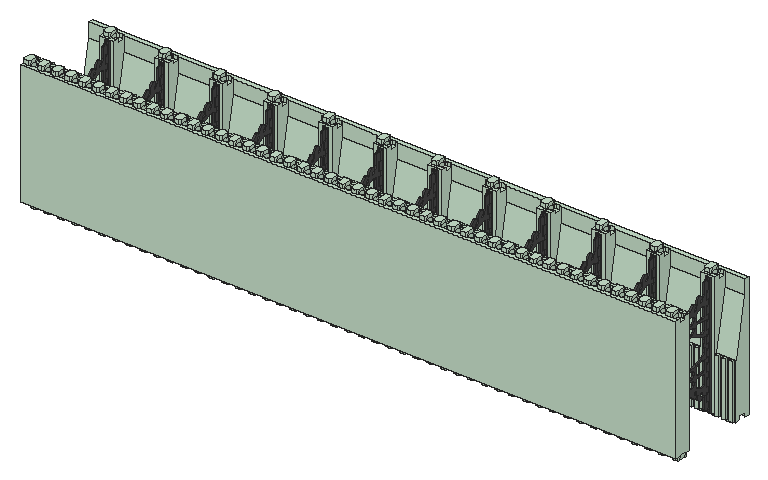
Revit family (continued)
Definition of nested family "8-inch Insert Web"
  Forms (in)
    Extrusion 2, solid, material "High Density Polystyrene"
      sketch origin (0, 0, 0) x (0, 1, 0) y (0, 0, 1)
        loop
          line (-1.8, 6.07202) -> (-1.8, 6.37882) -> (-1.8, 6.48293)
          arc (-1.8, 6.48293) -> (-1.87812, 6.75128) -> (-2.08806, 6.93579) r 0.5
      from 0.125 to -0.125
    Extrusion 3, solid, material "High Density Polystyrene"
      sketch origin (0, 0, 0) x (0, 1, 0) y (0, 0, 1)
        loop
          line (4.21, 16.17792) -> (3.71, 16.17792) -> (3.71, 14.97792) -> (4.21, 14.97792) -> (4.21, 16.17792)
        loop
          line (4.21, 14.22792) -> (3.71, 14.22792) -> (3.71, 13.02792) -> (4.21, 13.02792) -> (4.21, 14.22792)
        loop
          line (4.21, 12.27792) -> (3.71, 12.27792) -> (3.71, 11.07792) -> (4.21, 11.07792) -> (4.21, 12.27792)
        loop
          line (4.21, 10.32792) -> (3.71, 10.32792) -> (3.71, 9.24792) -> (4.21, 9.24792) -> (4.21, 10.32792)
        loop
          line (4.21, 8.49792) -> (3.71, 8.49792) -> (3.71, 7.41792) -> (4.21, 7.41792) -> (4.21, 8.49792)
        loop
          line (4.21, 6.66792) -> (3.71, 6.66792) -> (3.71, 5.46792) -> (4.21, 5.46792) -> (4.21, 6.66792)
        loop
          line (4.21, 4.71792) -> (3.71, 4.71792) -> (3.71, 3.51792) -> (4.21, 3.51792) -> (4.21, 4.71792)
        loop
          line (4.21, 2.76792) -> (3.71, 2.76792) -> (3.71, 1.56792) -> (4.21, 1.56792) -> (4.21, 2.76792)
        loop
          line (-4.21, 16.17792) -> (-4.21, 14.97792) -> (-3.71, 14.97792) -> (-3.71, 16.17792) -> (-4.21, 16.17792)
        loop
          line (-4.21, 14.22792) -> (-4.21, 13.02792) -> (-3.71, 13.02792) -> (-3.71, 14.22792) -> (-4.21, 14.22792)
        loop
          line (-4.21, 12.27792) -> (-4.21, 11.07792) -> (-3.71, 11.07792) -> (-3.71, 12.27792) -> (-4.21, 12.27792)
        loop
          line (-4.21, 10.32792) -> (-4.21, 9.24792) -> (-3.71, 9.24792) -> (-3.71, 10.32792) -> (-4.21, 10.32792)
        loop
          line (-4.21, 8.49792) -> (-4.21, 7.41792) -> (-3.71, 7.41792) -> (-3.71, 8.49792) -> (-4.21, 8.49792)
        loop
          line (-4.21, 6.66792) -> (-4.21, 5.46792) -> (-3.71, 5.46792) -> (-3.71, 6.66792) -> (-4.21, 6.66792)
        loop
          line (-4.21, 4.71792) -> (-4.21, 3.51792) -> (-3.71, 3.51792) -> (-3.71, 4.71792) -> (-4.21, 4.71792)
        loop
          line (-4.21, 2.76792) -> (-4.21, 1.56792) -> (-3.71, 1.56792) -> (-3.71, 2.76792) -> (-4.21, 2.76792)
      from 0.25 to -0.25
    Extrusion 4, void
      sketch origin (0, 1, 0) x (1, 0, 0) y (0, 1, 0)
        loop
          line (-0.25, 2.79249) -> (-0.25, 2.71) -> (-0.1675, 2.71)
          arc (-0.1675, 2.71) -> (-0.22584, 2.73416) -> (-0.25, 2.79249) r 0.0825
      from 0 to 18
    Extrusion 5, void
      sketch origin (0, 1, 0) x (-1, 0, 0) y (0, -1, 0)
        loop
          arc (-0.25, -2.79249) -> (-0.22584, -2.73416) -> (-0.1675, -2.71) r 0.0825
          line (-0.1675, -2.71) -> (-0.25, -2.71) -> (-0.25, -2.79249)
      from 0 to 18
    Extrusion 6, void
      sketch origin (0, -1, 0) x (1, 0, 0) y (0, 1, 0)
        loop
          arc (-0.25, -2.79249) -> (-0.22584, -2.73416) -> (-0.1675, -2.71) r 0.0825
          line (-0.1675, -2.71) -> (-0.25, -2.71) -> (-0.25, -2.79249)
      from 0 to 18
    Extrusion 7, void
      sketch origin (0, -1, 0) x (-1, 0, 0) y (0, -1, 0)
        loop
          line (-0.25, 2.79249) -> (-0.25, 2.71) -> (-0.1675, 2.71)
          arc (-0.1675, 2.71) -> (-0.22584, 2.73416) -> (-0.25, 2.79249) r 0.0825
      from 0 to 18
  Cuts and joins
    Extrusion 4, Extrusion 5, Extrusion 6, Extrusion 7 cuts Extrusion 1
    Extrusion 4, Extrusion 5, Extrusion 6, Extrusion 7 cuts Extrusion 3
Definition of nested family "NUDURA Diamond Pattern"
  Reference planes (in)
    plane 1 "Center (Front/Back)": y = 0
    plane 2: z = 0
    plane 3 "Center (Left/Right)": x = 0
    plane 4: z = 18
  Lines and regions (in)
    model lines
      curve 1: line (8, -5.625, 18) -> (8, -5.625, 0)
      curve 2: line (6, -5.625, 18) -> (6, -5.625, 0)
      curve 3: line (2, -5.625, 18) -> (2, -5.625, 0)
      curve 4: line (3.35367, -5.625, 16.98484) -> (3.69709, -5.625, 16.64142)
      curve 5: arc (3.35367, -5.625, 17.51517) -> (3.24384, -5.625, 17.25) -> (3.35367, -5.625, 16.98484) r 0.375
      curve 6: line (3.72867, -5.625, 17.89017) -> (3.35367, -5.625, 17.51517)
      curve 7: arc (4.259, -5.625, 17.89017) -> (3.99384, -5.625, 18) -> (3.72867, -5.625, 17.89017) r 0.375
      curve 8: line (4.634, -5.625, 17.51517) -> (4.259, -5.625, 17.89017)
      curve 9: arc (4.634, -5.625, 16.98484) -> (4.74384, -5.625, 17.25) -> (4.634, -5.625, 17.51517) r 0.375
      curve 10: line (4.29059, -5.625, 16.64142) -> (4.634, -5.625, 16.98484)
      curve 11: arc (4.17062, -5.625, 17.80178) -> (3.99384, -5.625, 17.875) -> (3.81706, -5.625, 17.80178) r 0.25
      curve 12: line (4.54562, -5.625, 17.42678) -> (4.17062, -5.625, 17.80178)
      curve 13: arc (4.54562, -5.625, 17.07322) -> (4.61884, -5.625, 17.25) -> (4.54562, -5.625, 17.42678) r 0.25
      curve 14: line (4.17062, -5.625, 16.69822) -> (4.54562, -5.625, 17.07322)
      curve 15: arc (3.81706, -5.625, 16.69822) -> (3.99384, -5.625, 16.625) -> (4.17062, -5.625, 16.69822) r 0.25
      curve 16: line (3.44206, -5.625, 17.07322) -> (3.81706, -5.625, 16.69822)
      curve 17: arc (3.44206, -5.625, 17.42678) -> (3.36884, -5.625, 17.25) -> (3.44206, -5.625, 17.07322) r 0.25
      curve 18: line (3.81706, -5.625, 17.80178) -> (3.44206, -5.625, 17.42678)
      curve 19: arc (3.69709, -5.625, 16.35858) -> (3.75567, -5.625, 16.5) -> (3.69709, -5.625, 16.64142) r 0.2
      curve 20: line (4.634, -5.625, 16.01517) -> (4.29059, -5.625, 16.35858)
      curve 21: arc (4.634, -5.625, 15.48484) -> (4.74384, -5.625, 15.75) -> (4.634, -5.625, 16.01517) r 0.375
      curve 22: line (4.29059, -5.625, 15.14142) -> (4.634, -5.625, 15.48484)
      curve 23: line (3.35367, -5.625, 15.48484) -> (3.69709, -5.625, 15.14142)
      curve 24: arc (3.35367, -5.625, 16.01517) -> (3.24384, -5.625, 15.75) -> (3.35367, -5.625, 15.48484) r 0.375
      curve 25: line (3.69709, -5.625, 16.35858) -> (3.35367, -5.625, 16.01517)
      curve 26: arc (4.17062, -5.625, 16.30178) -> (3.99384, -5.625, 16.375) -> (3.81706, -5.625, 16.30178) r 0.25
      curve 27: line (3.81706, -5.625, 16.30178) -> (3.44206, -5.625, 15.92678)
      curve 28: arc (3.44206, -5.625, 15.92678) -> (3.36884, -5.625, 15.75) -> (3.44206, -5.625, 15.57322) r 0.25
      curve 29: line (3.44206, -5.625, 15.57322) -> (3.81706, -5.625, 15.19822)
      curve 30: arc (3.81706, -5.625, 15.19822) -> (3.99384, -5.625, 15.125) -> (4.17062, -5.625, 15.19822) r 0.25
      curve 31: line (4.17062, -5.625, 15.19822) -> (4.54562, -5.625, 15.57322)
      curve 32: arc (4.54562, -5.625, 15.57322) -> (4.61884, -5.625, 15.75) -> (4.54562, -5.625, 15.92678) r 0.25
      curve 33: line (4.54562, -5.625, 15.92678) -> (4.17062, -5.625, 16.30178)
      curve 34: arc (3.69709, -5.625, 14.85858) -> (3.75567, -5.625, 15) -> (3.69709, -5.625, 15.14142) r 0.2
      curve 35: line (4.634, -5.625, 14.51517) -> (4.29059, -5.625, 14.85858)
      curve 36: arc (4.634, -5.625, 13.98484) -> (4.74384, -5.625, 14.25) -> (4.634, -5.625, 14.51517) r 0.375
      curve 37: line (4.29059, -5.625, 13.64142) -> (4.634, -5.625, 13.98484)
      curve 38: line (3.35367, -5.625, 13.98484) -> (3.69709, -5.625, 13.64142)
      curve 39: arc (3.35367, -5.625, 14.51517) -> (3.24384, -5.625, 14.25) -> (3.35367, -5.625, 13.98484) r 0.375
      curve 40: line (3.69709, -5.625, 14.85858) -> (3.35367, -5.625, 14.51517)
      curve 41: arc (4.17062, -5.625, 14.80178) -> (3.99384, -5.625, 14.875) -> (3.81706, -5.625, 14.80178) r 0.25
      curve 42: line (3.81706, -5.625, 14.80178) -> (3.44206, -5.625, 14.42678)
      curve 43: arc (3.44206, -5.625, 14.42678) -> (3.36884, -5.625, 14.25) -> (3.44206, -5.625, 14.07322) r 0.25
      curve 44: line (3.44206, -5.625, 14.07322) -> (3.81706, -5.625, 13.69822)
      curve 45: arc (3.81706, -5.625, 13.69822) -> (3.99384, -5.625, 13.625) -> (4.17062, -5.625, 13.69822) r 0.25
      curve 46: line (4.17062, -5.625, 13.69822) -> (4.54562, -5.625, 14.07322)
      curve 47: arc (4.54562, -5.625, 14.07322) -> (4.61884, -5.625, 14.25) -> (4.54562, -5.625, 14.42678) r 0.25
      curve 48: line (4.54562, -5.625, 14.42678) -> (4.17062, -5.625, 14.80178)
      curve 49: arc (3.69709, -5.625, 13.35858) -> (3.75567, -5.625, 13.5) -> (3.69709, -5.625, 13.64142) r 0.2
      curve 50: line (4.634, -5.625, 13.01517) -> (4.29059, -5.625, 13.35858)
      curve 51: arc (4.634, -5.625, 12.48484) -> (4.74384, -5.625, 12.75) -> (4.634, -5.625, 13.01517) r 0.375
      curve 52: line (4.29059, -5.625, 12.14142) -> (4.634, -5.625, 12.48484)
      curve 53: line (3.35367, -5.625, 12.48484) -> (3.69709, -5.625, 12.14142)
      curve 54: arc (3.35367, -5.625, 13.01517) -> (3.24384, -5.625, 12.75) -> (3.35367, -5.625, 12.48484) r 0.375
      curve 55: line (3.69709, -5.625, 13.35858) -> (3.35367, -5.625, 13.01517)
      curve 56: arc (4.17062, -5.625, 13.30178) -> (3.99384, -5.625, 13.375) -> (3.81706, -5.625, 13.30178) r 0.25
      curve 57: line (3.81706, -5.625, 13.30178) -> (3.44206, -5.625, 12.92678)
      curve 58: arc (3.44206, -5.625, 12.92678) -> (3.36884, -5.625, 12.75) -> (3.44206, -5.625, 12.57322) r 0.25
      curve 59: line (3.44206, -5.625, 12.57322) -> (3.81706, -5.625, 12.19822)
      curve 60: arc (3.81706, -5.625, 12.19822) -> (3.99384, -5.625, 12.125) -> (4.17062, -5.625, 12.19822) r 0.25
      curve 61: line (4.17062, -5.625, 12.19822) -> (4.54562, -5.625, 12.57322)
      curve 62: arc (4.54562, -5.625, 12.57322) -> (4.61884, -5.625, 12.75) -> (4.54562, -5.625, 12.92678) r 0.25
      curve 63: line (4.54562, -5.625, 12.92678) -> (4.17062, -5.625, 13.30178)
      curve 64: arc (3.69709, -5.625, 11.85858) -> (3.75567, -5.625, 12) -> (3.69709, -5.625, 12.14142) r 0.2
      curve 65: line (4.634, -5.625, 11.51517) -> (4.29059, -5.625, 11.85858)
      curve 66: arc (4.634, -5.625, 10.98484) -> (4.74384, -5.625, 11.25) -> (4.634, -5.625, 11.51517) r 0.375
      curve 67: line (4.29059, -5.625, 10.64142) -> (4.634, -5.625, 10.98484)
      curve 68: line (3.35367, -5.625, 10.98484) -> (3.69709, -5.625, 10.64142)
      curve 69: arc (3.35367, -5.625, 11.51517) -> (3.24384, -5.625, 11.25) -> (3.35367, -5.625, 10.98484) r 0.375
      curve 70: line (3.69709, -5.625, 11.85858) -> (3.35367, -5.625, 11.51517)
      curve 71: arc (4.17062, -5.625, 11.80178) -> (3.99384, -5.625, 11.875) -> (3.81706, -5.625, 11.80178) r 0.25
      curve 72: line (3.81706, -5.625, 11.80178) -> (3.44206, -5.625, 11.42678)
      curve 73: arc (3.44206, -5.625, 11.42678) -> (3.36884, -5.625, 11.25) -> (3.44206, -5.625, 11.07322) r 0.25
      curve 74: line (3.44206, -5.625, 11.07322) -> (3.81706, -5.625, 10.69822)
      curve 75: arc (3.81706, -5.625, 10.69822) -> (3.99384, -5.625, 10.625) -> (4.17062, -5.625, 10.69822) r 0.25
      curve 76: line (4.17062, -5.625, 10.69822) -> (4.54562, -5.625, 11.07322)
      curve 77: arc (4.54562, -5.625, 11.07322) -> (4.61884, -5.625, 11.25) -> (4.54562, -5.625, 11.42678) r 0.25
      curve 78: line (4.54562, -5.625, 11.42678) -> (4.17062, -5.625, 11.80178)
      curve 79: arc (3.69709, -5.625, 10.35858) -> (3.75567, -5.625, 10.5) -> (3.69709, -5.625, 10.64142) r 0.2
      curve 80: line (4.634, -5.625, 10.01517) -> (4.29059, -5.625, 10.35858)
      curve 81: arc (4.634, -5.625, 9.48484) -> (4.74384, -5.625, 9.75) -> (4.634, -5.625, 10.01517) r 0.375
      curve 82: line (4.29059, -5.625, 9.14142) -> (4.634, -5.625, 9.48484)
      curve 83: line (3.35367, -5.625, 9.48484) -> (3.69709, -5.625, 9.14142)
      curve 84: arc (3.35367, -5.625, 10.01517) -> (3.24384, -5.625, 9.75) -> (3.35367, -5.625, 9.48484) r 0.375
      curve 85: line (3.69709, -5.625, 10.35858) -> (3.35367, -5.625, 10.01517)
      curve 86: arc (4.17062, -5.625, 10.30178) -> (3.99384, -5.625, 10.375) -> (3.81706, -5.625, 10.30178) r 0.25
      curve 87: line (3.81706, -5.625, 10.30178) -> (3.44206, -5.625, 9.92678)
      curve 88: arc (3.44206, -5.625, 9.92678) -> (3.36884, -5.625, 9.75) -> (3.44206, -5.625, 9.57322) r 0.25
      curve 89: line (3.44206, -5.625, 9.57322) -> (3.81706, -5.625, 9.19822)
      curve 90: arc (3.81706, -5.625, 9.19822) -> (3.99384, -5.625, 9.125) -> (4.17062, -5.625, 9.19822) r 0.25
      curve 91: line (4.17062, -5.625, 9.19822) -> (4.54562, -5.625, 9.57322)
      curve 92: arc (4.54562, -5.625, 9.57322) -> (4.61884, -5.625, 9.75) -> (4.54562, -5.625, 9.92678) r 0.25
      curve 93: line (4.54562, -5.625, 9.92678) -> (4.17062, -5.625, 10.30178)
      curve 94: arc (3.69709, -5.625, 8.85858) -> (3.75567, -5.625, 9) -> (3.69709, -5.625, 9.14142) r 0.2
      curve 95: line (4.634, -5.625, 8.51517) -> (4.29059, -5.625, 8.85858)
      curve 96: arc (4.634, -5.625, 7.98484) -> (4.74384, -5.625, 8.25) -> (4.634, -5.625, 8.51517) r 0.375
      curve 97: line (4.29059, -5.625, 7.64142) -> (4.634, -5.625, 7.98484)
      curve 98: line (3.35367, -5.625, 7.98484) -> (3.69709, -5.625, 7.64142)
      curve 99: arc (3.35367, -5.625, 8.51517) -> (3.24384, -5.625, 8.25) -> (3.35367, -5.625, 7.98484) r 0.375
      curve 100: line (3.69709, -5.625, 8.85858) -> (3.35367, -5.625, 8.51517)
      curve 101: arc (4.17062, -5.625, 8.80178) -> (3.99384, -5.625, 8.875) -> (3.81706, -5.625, 8.80178) r 0.25
      curve 102: line (3.81706, -5.625, 8.80178) -> (3.44206, -5.625, 8.42678)
      curve 103: arc (3.44206, -5.625, 8.42678) -> (3.36884, -5.625, 8.25) -> (3.44206, -5.625, 8.07322) r 0.25
      curve 104: line (3.44206, -5.625, 8.07322) -> (3.81706, -5.625, 7.69822)
      curve 105: arc (3.81706, -5.625, 7.69822) -> (3.99384, -5.625, 7.625) -> (4.17062, -5.625, 7.69822) r 0.25
      curve 106: line (4.17062, -5.625, 7.69822) -> (4.54562, -5.625, 8.07322)
      curve 107: arc (4.54562, -5.625, 8.07322) -> (4.61884, -5.625, 8.25) -> (4.54562, -5.625, 8.42678) r 0.25
      curve 108: line (4.54562, -5.625, 8.42678) -> (4.17062, -5.625, 8.80178)
      curve 109: arc (3.69709, -5.625, 7.35858) -> (3.75567, -5.625, 7.5) -> (3.69709, -5.625, 7.64142) r 0.2
      curve 110: line (4.634, -5.625, 7.01517) -> (4.29059, -5.625, 7.35858)
      curve 111: arc (4.634, -5.625, 6.48484) -> (4.74384, -5.625, 6.75) -> (4.634, -5.625, 7.01517) r 0.375
      curve 112: line (4.29059, -5.625, 6.14142) -> (4.634, -5.625, 6.48484)
      curve 113: line (3.35367, -5.625, 6.48484) -> (3.69709, -5.625, 6.14142)
      curve 114: arc (3.35367, -5.625, 7.01517) -> (3.24384, -5.625, 6.75) -> (3.35367, -5.625, 6.48484) r 0.375
      curve 115: line (3.69709, -5.625, 7.35858) -> (3.35367, -5.625, 7.01517)
      curve 116: arc (4.17062, -5.625, 7.30178) -> (3.99384, -5.625, 7.375) -> (3.81706, -5.625, 7.30178) r 0.25
      curve 117: line (3.81706, -5.625, 7.30178) -> (3.44206, -5.625, 6.92678)
      curve 118: arc (3.44206, -5.625, 6.92678) -> (3.36884, -5.625, 6.75) -> (3.44206, -5.625, 6.57322) r 0.25
      curve 119: line (3.44206, -5.625, 6.57322) -> (3.81706, -5.625, 6.19822)
      curve 120: arc (3.81706, -5.625, 6.19822) -> (3.99384, -5.625, 6.125) -> (4.17062, -5.625, 6.19822) r 0.25
      curve 121: line (4.17062, -5.625, 6.19822) -> (4.54562, -5.625, 6.57322)
      curve 122: arc (4.54562, -5.625, 6.57322) -> (4.61884, -5.625, 6.75) -> (4.54562, -5.625, 6.92678) r 0.25
      curve 123: line (4.54562, -5.625, 6.92678) -> (4.17062, -5.625, 7.30178)
      curve 124: arc (3.69709, -5.625, 5.85858) -> (3.75567, -5.625, 6) -> (3.69709, -5.625, 6.14142) r 0.2
      curve 125: line (4.634, -5.625, 5.51517) -> (4.29059, -5.625, 5.85858)
      curve 126: arc (4.634, -5.625, 4.98484) -> (4.74384, -5.625, 5.25) -> (4.634, -5.625, 5.51517) r 0.375
      curve 127: line (4.29059, -5.625, 4.64142) -> (4.634, -5.625, 4.98484)
      curve 128: line (3.35367, -5.625, 4.98484) -> (3.69709, -5.625, 4.64142)
      curve 129: arc (3.35367, -5.625, 5.51517) -> (3.24384, -5.625, 5.25) -> (3.35367, -5.625, 4.98484) r 0.375
      curve 130: line (3.69709, -5.625, 5.85858) -> (3.35367, -5.625, 5.51517)
      curve 131: arc (4.17062, -5.625, 5.80178) -> (3.99384, -5.625, 5.875) -> (3.81706, -5.625, 5.80178) r 0.25
      curve 132: line (3.81706, -5.625, 5.80178) -> (3.44206, -5.625, 5.42678)
      curve 133: arc (3.44206, -5.625, 5.42678) -> (3.36884, -5.625, 5.25) -> (3.44206, -5.625, 5.07322) r 0.25
      curve 134: line (3.44206, -5.625, 5.07322) -> (3.81706, -5.625, 4.69822)
      curve 135: arc (3.81706, -5.625, 4.69822) -> (3.99384, -5.625, 4.625) -> (4.17062, -5.625, 4.69822) r 0.25
      curve 136: line (4.17062, -5.625, 4.69822) -> (4.54562, -5.625, 5.07322)
      curve 137: arc (4.54562, -5.625, 5.07322) -> (4.61884, -5.625, 5.25) -> (4.54562, -5.625, 5.42678) r 0.25
      curve 138: line (4.54562, -5.625, 5.42678) -> (4.17062, -5.625, 5.80178)
      curve 139: arc (3.69709, -5.625, 4.35858) -> (3.75567, -5.625, 4.5) -> (3.69709, -5.625, 4.64142) r 0.2
      curve 140: line (4.634, -5.625, 4.01517) -> (4.29059, -5.625, 4.35858)
      curve 141: arc (4.634, -5.625, 3.48484) -> (4.74384, -5.625, 3.75) -> (4.634, -5.625, 4.01517) r 0.375
      curve 142: line (4.29059, -5.625, 3.14142) -> (4.634, -5.625, 3.48484)
      curve 143: line (3.35367, -5.625, 3.48484) -> (3.69709, -5.625, 3.14142)
      curve 144: arc (3.35367, -5.625, 4.01517) -> (3.24384, -5.625, 3.75) -> (3.35367, -5.625, 3.48484) r 0.375
      curve 145: line (3.69709, -5.625, 4.35858) -> (3.35367, -5.625, 4.01517)
      curve 146: arc (4.17062, -5.625, 4.30178) -> (3.99384, -5.625, 4.375) -> (3.81706, -5.625, 4.30178) r 0.25
      curve 147: line (3.81706, -5.625, 4.30178) -> (3.44206, -5.625, 3.92678)
      curve 148: arc (3.44206, -5.625, 3.92678) -> (3.36884, -5.625, 3.75) -> (3.44206, -5.625, 3.57322) r 0.25
      curve 149: line (3.44206, -5.625, 3.57322) -> (3.81706, -5.625, 3.19822)
      curve 150: arc (3.81706, -5.625, 3.19822) -> (3.99384, -5.625, 3.125) -> (4.17062, -5.625, 3.19822) r 0.25
      curve 151: line (4.17062, -5.625, 3.19822) -> (4.54562, -5.625, 3.57322)
      curve 152: arc (4.54562, -5.625, 3.57322) -> (4.61884, -5.625, 3.75) -> (4.54562, -5.625, 3.92678) r 0.25
      curve 153: line (4.54562, -5.625, 3.92678) -> (4.17062, -5.625, 4.30178)
      curve 154: arc (3.69709, -5.625, 2.85858) -> (3.75567, -5.625, 3) -> (3.69709, -5.625, 3.14142) r 0.2
      curve 155: line (4.634, -5.625, 2.51517) -> (4.29059, -5.625, 2.85858)
      curve 156: arc (4.634, -5.625, 1.98484) -> (4.74384, -5.625, 2.25) -> (4.634, -5.625, 2.51517) r 0.375
      curve 157: line (4.29059, -5.625, 1.64142) -> (4.634, -5.625, 1.98484)
      curve 158: line (3.35367, -5.625, 1.98484) -> (3.69709, -5.625, 1.64142)
      curve 159: arc (3.35367, -5.625, 2.51517) -> (3.24384, -5.625, 2.25) -> (3.35367, -5.625, 1.98484) r 0.375
      curve 160: line (3.69709, -5.625, 2.85858) -> (3.35367, -5.625, 2.51517)
      curve 161: arc (4.17062, -5.625, 2.80178) -> (3.99384, -5.625, 2.875) -> (3.81706, -5.625, 2.80178) r 0.25
      curve 162: line (3.81706, -5.625, 2.80178) -> (3.44206, -5.625, 2.42678)
      curve 163: arc (3.44206, -5.625, 2.42678) -> (3.36884, -5.625, 2.25) -> (3.44206, -5.625, 2.07322) r 0.25
      curve 164: line (3.44206, -5.625, 2.07322) -> (3.81706, -5.625, 1.69822)
      curve 165: arc (3.81706, -5.625, 1.69822) -> (3.99384, -5.625, 1.625) -> (4.17062, -5.625, 1.69822) r 0.25
      curve 166: line (4.17062, -5.625, 1.69822) -> (4.54562, -5.625, 2.07322)
      curve 167: arc (4.54562, -5.625, 2.07322) -> (4.61884, -5.625, 2.25) -> (4.54562, -5.625, 2.42678) r 0.25
      curve 168: line (4.54562, -5.625, 2.42678) -> (4.17062, -5.625, 2.80178)
      curve 169: arc (3.69709, -5.625, 1.35858) -> (3.75567, -5.625, 1.5) -> (3.69709, -5.625, 1.64142) r 0.2
      curve 170: line (3.69709, -5.625, 1.35858) -> (3.35367, -5.625, 1.01517)
      curve 171: arc (3.35367, -5.625, 1.01517) -> (3.24384, -5.625, 0.75) -> (3.35367, -5.625, 0.48484) r 0.375
      curve 172: line (3.35367, -5.625, 0.48484) -> (3.72867, -5.625, 0.10984)
      curve 173: arc (3.72867, -5.625, 0.10984) -> (3.99384, -5.625, 0) -> (4.259, -5.625, 0.10984) r 0.375
      curve 174: line (4.259, -5.625, 0.10984) -> (4.634, -5.625, 0.48484)
      curve 175: arc (4.634, -5.625, 0.48484) -> (4.74384, -5.625, 0.75) -> (4.634, -5.625, 1.01517) r 0.375
      curve 176: line (4.634, -5.625, 1.01517) -> (4.29059, -5.625, 1.35858)
      curve 177: arc (4.29059, -5.625, 1.64142) -> (4.23201, -5.625, 1.5) -> (4.29059, -5.625, 1.35858) r 0.2
      curve 178: arc (4.17062, -5.625, 1.30178) -> (3.99384, -5.625, 1.375) -> (3.81706, -5.625, 1.30178) r 0.25
      curve 179: line (4.54562, -5.625, 0.92678) -> (4.17062, -5.625, 1.30178)
      curve 180: arc (4.54562, -5.625, 0.57322) -> (4.61884, -5.625, 0.75) -> (4.54562, -5.625, 0.92678) r 0.25
      curve 181: line (4.17062, -5.625, 0.19822) -> (4.54562, -5.625, 0.57322)
      curve 182: arc (3.81706, -5.625, 0.19822) -> (3.99384, -5.625, 0.125) -> (4.17062, -5.625, 0.19822) r 0.25
      curve 183: line (3.44206, -5.625, 0.57322) -> (3.81706, -5.625, 0.19822)
      curve 184: arc (3.44206, -5.625, 0.92678) -> (3.36884, -5.625, 0.75) -> (3.44206, -5.625, 0.57322) r 0.25
      curve 185: line (3.81706, -5.625, 1.30178) -> (3.44206, -5.625, 0.92678)
      curve 186: arc (4.29059, -5.625, 3.14142) -> (4.23201, -5.625, 3) -> (4.29059, -5.625, 2.85858) r 0.2
      curve 187: arc (4.29059, -5.625, 4.64142) -> (4.23201, -5.625, 4.5) -> (4.29059, -5.625, 4.35858) r 0.2
      curve 188: arc (4.29059, -5.625, 6.14142) -> (4.23201, -5.625, 6) -> (4.29059, -5.625, 5.85858) r 0.2
      curve 189: arc (4.29059, -5.625, 7.64142) -> (4.23201, -5.625, 7.5) -> (4.29059, -5.625, 7.35858) r 0.2
      curve 190: arc (4.29059, -5.625, 9.14142) -> (4.23201, -5.625, 9) -> (4.29059, -5.625, 8.85858) r 0.2
      curve 191: arc (4.29059, -5.625, 10.64142) -> (4.23201, -5.625, 10.5) -> (4.29059, -5.625, 10.35858) r 0.2
      curve 192: arc (4.29059, -5.625, 12.14142) -> (4.23201, -5.625, 12) -> (4.29059, -5.625, 11.85858) r 0.2
      curve 193: arc (4.29059, -5.625, 13.64142) -> (4.23201, -5.625, 13.5) -> (4.29059, -5.625, 13.35858) r 0.2
      curve 194: arc (4.29059, -5.625, 15.14142) -> (4.23201, -5.625, 15) -> (4.29059, -5.625, 14.85858) r 0.2
      curve 195: arc (4.29059, -5.625, 16.64142) -> (4.23201, -5.625, 16.5) -> (4.29059, -5.625, 16.35858) r 0.2
Definition of nested family "NUDURA Logo Diamond"
  Reference planes (in)
    plane 1 "Center (Front/Back)": y = 0
    plane 2: z = 0
    plane 3 "Center (Left/Right)": x = 0
  Lines and regions (in)
    model lines
      curve 1: line (12.59848, 0, 17.50104) -> (12.24492, 0, 17.85459)
      curve 2: line (12.36113, 0, 16.76872) -> (12.59848, 0, 17.00607)
      curve 3: line (12.59848, 0, 16.00104) -> (12.36113, 0, 16.23839)
      curve 4: line (12.36113, 0, 15.26872) -> (12.59848, 0, 15.50607)
      curve 5: line (12.59848, 0, 14.50104) -> (12.36113, 0, 14.73839)
      curve 6: line (12.36113, 0, 13.76872) -> (12.59848, 0, 14.00607)
      curve 7: line (12.17421, 0, 13.28388) -> (12.71208, 0, 12.74602)
      curve 8: line (12.71208, 0, 12.74602) -> (12.78279, 0, 12.81673)
      curve 9: line (11.28279, 0, 12.74602) -> (11.82066, 0, 13.28388)
      curve 10: line (11.63374, 0, 13.23839) -> (11.21208, 0, 12.81673)
      curve 11: line (11.3964, 0, 14.00607) -> (11.63374, 0, 13.76872)
      curve 12: line (11.63374, 0, 14.73839) -> (11.3964, 0, 14.50104)
      curve 13: line (11.3964, 0, 15.50607) -> (11.63374, 0, 15.26872)
      curve 14: line (11.63374, 0, 16.23839) -> (11.3964, 0, 16.00104)
      curve 15: line (11.3964, 0, 17.00607) -> (11.63374, 0, 16.76872)
      curve 16: line (11.74995, 0, 17.85459) -> (11.3964, 0, 17.50104)
      curve 17: line (11.82066, 0, 17.78388) -> (11.46711, 0, 17.43033)
      curve 18: line (12.52777, 0, 17.43033) -> (12.17421, 0, 17.78388)
      curve 19: line (12.17421, 0, 16.72322) -> (12.52777, 0, 17.07678)
      curve 20: line (11.46711, 0, 17.07678) -> (11.82066, 0, 16.72322)
      curve 21: arc (11.3964, 0, 17.50104) -> (11.29388, 0, 17.25355) -> (11.3964, 0, 17.00607) r 0.35
      curve 22: arc (11.74995, 0, 17.85459) -> (11.99744, 0, 17.95711) -> (12.24492, 0, 17.85459) r 0.35
      curve 23: arc (11.46711, 0, 17.43033) -> (11.39388, 0, 17.25355) -> (11.46711, 0, 17.07678) r 0.25
      curve 24: arc (12.52777, 0, 17.43033) -> (12.60099, 0, 17.25355) -> (12.52777, 0, 17.07678) r 0.25
      curve 25: arc (12.17421, 0, 16.72322) -> (11.99744, 0, 16.65) -> (11.82066, 0, 16.72322) r 0.25
      curve 26: arc (11.82066, 0, 17.78388) -> (11.99744, 0, 17.85711) -> (12.17421, 0, 17.78388) r 0.25
      curve 27: arc (12.59848, 0, 17.50104) -> (12.70099, 0, 17.25355) -> (12.59848, 0, 17.00607) r 0.35
      curve 28: arc (11.63374, 0, 16.76872) -> (11.74358, 0, 16.50355) -> (11.63374, 0, 16.23839) r 0.375
      curve 29: arc (12.36113, 0, 16.76872) -> (12.2513, 0, 16.50355) -> (12.36113, 0, 16.23839) r 0.375
      curve 30: line (12.36113, 0, 15.26872) -> (12.59848, 0, 15.50607)
      curve 31: line (11.3964, 0, 15.50607) -> (11.63374, 0, 15.26872)
      curve 32: line (11.82066, 0, 16.28388) -> (11.46711, 0, 15.93033)
      curve 33: line (12.52777, 0, 15.93033) -> (12.17421, 0, 16.28388)
      curve 34: line (12.17421, 0, 15.22322) -> (12.52777, 0, 15.57678)
      curve 35: line (11.46711, 0, 15.57678) -> (11.82066, 0, 15.22322)
      curve 36: arc (11.3964, 0, 16.00104) -> (11.29388, 0, 15.75355) -> (11.3964, 0, 15.50607) r 0.35
      curve 37: arc (11.46711, 0, 15.93033) -> (11.39388, 0, 15.75355) -> (11.46711, 0, 15.57678) r 0.25
      curve 38: arc (12.52777, 0, 15.93033) -> (12.60099, 0, 15.75355) -> (12.52777, 0, 15.57678) r 0.25
      curve 39: arc (12.17421, 0, 15.22322) -> (11.99744, 0, 15.15) -> (11.82066, 0, 15.22322) r 0.25
      curve 40: arc (11.82066, 0, 16.28388) -> (11.99744, 0, 16.35711) -> (12.17421, 0, 16.28388) r 0.25
      curve 41: arc (12.59848, 0, 16.00104) -> (12.70099, 0, 15.75355) -> (12.59848, 0, 15.50607) r 0.35
      curve 42: line (11.63374, 0, 16.23839) -> (11.3964, 0, 16.00104)
      curve 43: line (12.59848, 0, 16.00104) -> (12.36113, 0, 16.23839)
      curve 44: arc (11.63374, 0, 15.26872) -> (11.74358, 0, 15.00355) -> (11.63374, 0, 14.73839) r 0.375
      curve 45: arc (12.36113, 0, 15.26872) -> (12.2513, 0, 15.00355) -> (12.36113, 0, 14.73839) r 0.375
      curve 46: line (12.36113, 0, 13.76872) -> (12.59848, 0, 14.00607)
      curve 47: line (11.3964, 0, 14.00607) -> (11.63374, 0, 13.76872)
      curve 48: line (11.82066, 0, 14.78388) -> (11.46711, 0, 14.43033)
      curve 49: line (12.52777, 0, 14.43033) -> (12.17421, 0, 14.78388)
      curve 50: line (12.17421, 0, 13.72322) -> (12.52777, 0, 14.07678)
      curve 51: line (11.46711, 0, 14.07678) -> (11.82066, 0, 13.72322)
      curve 52: arc (11.3964, 0, 14.50104) -> (11.29388, 0, 14.25355) -> (11.3964, 0, 14.00607) r 0.35
      curve 53: arc (11.46711, 0, 14.43033) -> (11.39388, 0, 14.25355) -> (11.46711, 0, 14.07678) r 0.25
      curve 54: arc (12.52777, 0, 14.43033) -> (12.60099, 0, 14.25355) -> (12.52777, 0, 14.07678) r 0.25
      curve 55: arc (12.17421, 0, 13.72322) -> (11.99744, 0, 13.65) -> (11.82066, 0, 13.72322) r 0.25
      curve 56: arc (11.82066, 0, 14.78388) -> (11.99744, 0, 14.85711) -> (12.17421, 0, 14.78388) r 0.25
      curve 57: arc (12.59848, 0, 14.50104) -> (12.70099, 0, 14.25355) -> (12.59848, 0, 14.00607) r 0.35
      curve 58: line (11.63374, 0, 14.73839) -> (11.3964, 0, 14.50104)
      curve 59: arc (11.63374, 0, 13.76872) -> (11.74358, 0, 13.50355) -> (11.63374, 0, 13.23839) r 0.375
      curve 60: arc (12.36113, 0, 13.76872) -> (12.2513, 0, 13.50355) -> (12.36113, 0, 13.23839) r 0.375
      curve 61: line (12.78279, 0, 12.81673) -> (12.36113, 0, 13.23839)
      curve 62: line (11.21208, 0, 12.81673) -> (11.28279, 0, 12.74602)
      curve 63: arc (11.82066, 0, 13.28388) -> (11.99744, 0, 13.35711) -> (12.17421, 0, 13.28388) r 0.25
      curve 64: line (12.59848, 0, 0.50607) -> (12.24492, 0, 0.15251)
      curve 65: line (12.36113, 0, 1.23839) -> (12.59848, 0, 1.00104)
      curve 66: line (12.59848, 0, 2.00607) -> (12.36113, 0, 1.76872)
      curve 67: line (12.36113, 0, 2.73839) -> (12.59848, 0, 2.50104)
      curve 68: line (12.59848, 0, 3.50607) -> (12.36113, 0, 3.26872)
      curve 69: line (12.36113, 0, 4.23839) -> (12.59848, 0, 4.00104)
      curve 70: line (12.17421, 0, 4.72322) -> (12.71208, 0, 5.26109)
      curve 71: line (12.71208, 0, 5.26109) -> (12.78279, 0, 5.19038)
      curve 72: line (11.28279, 0, 5.26109) -> (11.82066, 0, 4.72322)
      curve 73: line (11.63374, 0, 4.76872) -> (11.21208, 0, 5.19038)
      curve 74: line (11.3964, 0, 4.00104) -> (11.63374, 0, 4.23839)
      curve 75: line (11.63374, 0, 3.26872) -> (11.3964, 0, 3.50607)
      curve 76: line (11.3964, 0, 2.50104) -> (11.63374, 0, 2.73839)
      curve 77: line (11.63374, 0, 1.76872) -> (11.3964, 0, 2.00607)
      curve 78: line (11.3964, 0, 1.00104) -> (11.63374, 0, 1.23839)
      curve 79: line (11.74995, 0, 0.15251) -> (11.3964, 0, 0.50607)
      curve 80: line (11.82066, 0, 0.22322) -> (11.46711, 0, 0.57678)
      curve 81: line (12.52777, 0, 0.57678) -> (12.17421, 0, 0.22322)
      curve 82: line (12.17421, 0, 1.28388) -> (12.52777, 0, 0.93033)
      curve 83: line (11.46711, 0, 0.93033) -> (11.82066, 0, 1.28388)
      curve 84: arc (11.3964, 0, 0.50607) -> (11.29388, 0, 0.75355) -> (11.3964, 0, 1.00104) r 0.35
      curve 85: arc (11.74995, 0, 0.15251) -> (11.99744, 0, 0.05) -> (12.24492, 0, 0.15251) r 0.35
      curve 86: arc (11.46711, 0, 0.57678) -> (11.39388, 0, 0.75355) -> (11.46711, 0, 0.93033) r 0.25
      curve 87: arc (12.52777, 0, 0.57678) -> (12.60099, 0, 0.75355) -> (12.52777, 0, 0.93033) r 0.25
      curve 88: arc (12.17421, 0, 1.28388) -> (11.99744, 0, 1.35711) -> (11.82066, 0, 1.28388) r 0.25
      curve 89: arc (11.82066, 0, 0.22322) -> (11.99744, 0, 0.15) -> (12.17421, 0, 0.22322) r 0.25
      curve 90: arc (12.59848, 0, 0.50607) -> (12.70099, 0, 0.75355) -> (12.59848, 0, 1.00104) r 0.35
      curve 91: arc (11.63374, 0, 1.23839) -> (11.74358, 0, 1.50355) -> (11.63374, 0, 1.76872) r 0.375
      curve 92: arc (12.36113, 0, 1.23839) -> (12.2513, 0, 1.50355) -> (12.36113, 0, 1.76872) r 0.375
      curve 93: line (12.36113, 0, 2.73839) -> (12.59848, 0, 2.50104)
      curve 94: line (11.3964, 0, 2.50104) -> (11.63374, 0, 2.73839)
      curve 95: line (11.82066, 0, 1.72322) -> (11.46711, 0, 2.07678)
      curve 96: line (12.52777, 0, 2.07678) -> (12.17421, 0, 1.72322)
      curve 97: line (12.17421, 0, 2.78388) -> (12.52777, 0, 2.43033)
      curve 98: line (11.46711, 0, 2.43033) -> (11.82066, 0, 2.78388)
      curve 99: arc (11.3964, 0, 2.00607) -> (11.29388, 0, 2.25355) -> (11.3964, 0, 2.50104) r 0.35
      curve 100: arc (11.46711, 0, 2.07678) -> (11.39388, 0, 2.25355) -> (11.46711, 0, 2.43033) r 0.25
      curve 101: arc (12.52777, 0, 2.07678) -> (12.60099, 0, 2.25355) -> (12.52777, 0, 2.43033) r 0.25
      curve 102: arc (12.17421, 0, 2.78388) -> (11.99744, 0, 2.85711) -> (11.82066, 0, 2.78388) r 0.25
      curve 103: arc (11.82066, 0, 1.72322) -> (11.99744, 0, 1.65) -> (12.17421, 0, 1.72322) r 0.25
      curve 104: arc (12.59848, 0, 2.00607) -> (12.70099, 0, 2.25355) -> (12.59848, 0, 2.50104) r 0.35
      curve 105: line (11.63374, 0, 1.76872) -> (11.3964, 0, 2.00607)
      curve 106: line (12.59848, 0, 2.00607) -> (12.36113, 0, 1.76872)
      curve 107: arc (11.63374, 0, 2.73839) -> (11.74358, 0, 3.00355) -> (11.63374, 0, 3.26872) r 0.375
      curve 108: arc (12.36113, 0, 2.73839) -> (12.2513, 0, 3.00355) -> (12.36113, 0, 3.26872) r 0.375
      curve 109: line (12.36113, 0, 4.23839) -> (12.59848, 0, 4.00104)
      curve 110: line (11.3964, 0, 4.00104) -> (11.63374, 0, 4.23839)
      curve 111: line (11.82066, 0, 3.22322) -> (11.46711, 0, 3.57678)
      curve 112: line (12.52777, 0, 3.57678) -> (12.17421, 0, 3.22322)
      curve 113: line (12.17421, 0, 4.28388) -> (12.52777, 0, 3.93033)
      curve 114: line (11.46711, 0, 3.93033) -> (11.82066, 0, 4.28388)
      curve 115: arc (11.3964, 0, 3.50607) -> (11.29388, 0, 3.75355) -> (11.3964, 0, 4.00104) r 0.35
      curve 116: arc (11.46711, 0, 3.57678) -> (11.39388, 0, 3.75355) -> (11.46711, 0, 3.93033) r 0.25
      curve 117: arc (12.52777, 0, 3.57678) -> (12.60099, 0, 3.75355) -> (12.52777, 0, 3.93033) r 0.25
      curve 118: arc (12.17421, 0, 4.28388) -> (11.99744, 0, 4.35711) -> (11.82066, 0, 4.28388) r 0.25
      curve 119: arc (11.82066, 0, 3.22322) -> (11.99744, 0, 3.15) -> (12.17421, 0, 3.22322) r 0.25
      curve 120: arc (12.59848, 0, 3.50607) -> (12.70099, 0, 3.75355) -> (12.59848, 0, 4.00104) r 0.35
      curve 121: line (11.63374, 0, 3.26872) -> (11.3964, 0, 3.50607)
      curve 122: arc (11.63374, 0, 4.23839) -> (11.74358, 0, 4.50355) -> (11.63374, 0, 4.76872) r 0.375
      curve 123: arc (12.36113, 0, 4.23839) -> (12.2513, 0, 4.50355) -> (12.36113, 0, 4.76872) r 0.375
      curve 124: line (12.78279, 0, 5.19038) -> (12.36113, 0, 4.76872)
      curve 125: line (11.21208, 0, 5.19038) -> (11.28279, 0, 5.26109)
      curve 126: arc (11.82066, 0, 4.72322) -> (11.99744, 0, 4.65) -> (12.17421, 0, 4.72322) r 0.25
      curve 127: line (12.37244, 0, 12.50355) -> (11.62244, 0, 12.50355)
      curve 128: line (12.74744, 0, 5.87855) -> (12.74744, 0, 12.12855)
      curve 129: line (11.24744, 0, 12.12855) -> (11.24744, 0, 5.87855)
      curve 130: line (11.62244, 0, 5.50355) -> (12.37244, 0, 5.50355)
      curve 131: line (12.47232, 0, 12.00355) -> (12.0393, 0, 12.25355)
      curve 132: line (12.47232, 0, 11.50355) -> (12.47232, 0, 12.00355)
      curve 133: line (12.25581, 0, 11.37855) -> (12.47232, 0, 11.50355)
      curve 134: line (12.02256, 0, 11.51322) -> (12.25581, 0, 11.37855)
      curve 135: line (12.22232, 0, 11.62855) -> (12.02256, 0, 11.51322)
      curve 136: line (11.80605, 0, 12.11888) -> (12.22232, 0, 11.87855)
      curve 137: line (12.22232, 0, 11.87855) -> (12.22232, 0, 11.62855)
      curve 138: line (12.0393, 0, 12.25355) -> (11.80605, 0, 12.11888)
      curve 139: line (11.77256, 0, 11.63822) -> (11.97232, 0, 11.75355)
      curve 140: line (11.97232, 0, 11.75355) -> (11.73906, 0, 11.88822)
      curve 141: line (11.73906, 0, 11.88822) -> (11.52256, 0, 11.76322)
      curve 142: line (11.52256, 0, 11.76322) -> (11.52256, 0, 11.26322)
      curve 143: line (11.77256, 0, 11.38822) -> (11.77256, 0, 11.63822)
      curve 144: line (12.18882, 0, 11.14789) -> (11.77256, 0, 11.38822)
      curve 145: line (11.95557, 0, 11.01322) -> (12.18882, 0, 11.14789)
      curve 146: line (11.52256, 0, 11.26322) -> (11.95557, 0, 11.01322)
      curve 147: line (12.31108, 0, 10.60411) -> (11.68379, 0, 10.74458)
      curve 148: line (11.68379, 0, 10.74458) -> (11.68379, 0, 10.51321)
      curve 149: line (11.68379, 0, 10.51321) -> (12.1295, 0, 10.41405)
      curve 150: line (12.1295, 0, 10.41405) -> (11.68379, 0, 10.27358)
      curve 151: line (11.68379, 0, 10.27358) -> (11.68379, 0, 9.8852)
      curve 152: line (11.68379, 0, 9.8852) -> (12.17077, 0, 9.77615)
      curve 153: line (12.17077, 0, 9.77615) -> (12.17077, 0, 9.74472)
      curve 154: line (12.17077, 0, 9.74472) -> (11.86146, 0, 9.80279)
      curve 155: line (11.68379, 0, 9.65536) -> (11.68379, 0, 9.35864)
      curve 156: line (12.07077, 0, 8.74385) -> (12.07077, 0, 8.99996)
      curve 157: line (12.07077, 0, 8.99996) -> (11.68379, 0, 9.08605)
      curve 158: line (11.68379, 0, 9.08605) -> (11.68379, 0, 8.47809)
      curve 159: line (11.91823, 0, 9.06589) -> (12.31108, 0, 8.97792)
      curve 160: line (11.82444, 0, 8.55476) -> (11.82444, 0, 8.79865)
      curve 161: line (11.82444, 0, 8.79865) -> (12.07077, 0, 8.74385)
      curve 162: line (11.68379, 0, 8.07193) -> (11.68379, 0, 7.77522)
      curve 163: line (11.91823, 0, 7.48247) -> (12.21108, 0, 7.41688)
      curve 164: line (12.21108, 0, 7.41688) -> (12.21108, 0, 6.95405)
      curve 165: line (12.16108, 0, 6.90405) -> (12.12077, 0, 6.90405)
      curve 166: line (12.07077, 0, 6.95405) -> (12.07077, 0, 7.08675)
      curve 167: line (12.07077, 0, 7.08675) -> (12.12077, 0, 7.07556)
      curve 168: line (12.12077, 0, 7.07556) -> (12.12077, 0, 7.33463)
      curve 169: line (12.12077, 0, 7.33463) -> (11.68379, 0, 7.43249)
      curve 170: line (11.68379, 0, 7.43249) -> (11.68379, 0, 7.17341)
      curve 171: line (11.68379, 0, 7.17341) -> (11.97077, 0, 7.10915)
      curve 172: line (11.97077, 0, 7.10915) -> (11.97077, 0, 6.99425)
      curve 173: line (11.92077, 0, 6.94425) -> (11.68379, 0, 6.94425)
      curve 174: line (11.68379, 0, 6.94425) -> (11.68379, 0, 6.45682)
      curve 175: line (11.68379, 0, 6.45682) -> (11.78284, 0, 6.38658)
      curve 176: line (11.78284, 0, 6.38658) -> (11.78284, 0, 6.05178)
      curve 177: line (12.12371, 0, 6.14486) -> (11.88284, 0, 6.31567)
      curve 178: line (11.88284, 0, 6.31567) -> (11.88284, 0, 6.07909)
      curve 179: line (11.88284, 0, 6.07909) -> (12.12371, 0, 6.14486)
      curve 180: line (11.78284, 0, 6.05178) -> (11.68379, 0, 6.02474)
      curve 181: line (11.68379, 0, 6.02474) -> (11.68379, 0, 5.75355)
      curve 182: line (11.68379, 0, 5.75355) -> (12.31108, 0, 5.92483)
      curve 183: line (12.31108, 0, 5.92483) -> (12.31108, 0, 6.28791)
      curve 184: line (12.31108, 0, 6.28791) -> (11.76249, 0, 6.67694)
      curve 185: line (11.76249, 0, 6.67694) -> (11.90321, 0, 6.67694)
      curve 186: line (12.31108, 0, 6.78674) -> (12.31108, 0, 7.63562)
      curve 187: line (12.31108, 0, 7.63562) -> (11.90258, 0, 7.7271)
      curve 188: line (11.82444, 0, 7.82469) -> (11.82444, 0, 7.92839)
      curve 189: line (11.88536, 0, 7.97718) -> (12.31108, 0, 7.88185)
      curve 190: line (12.31108, 0, 7.88185) -> (12.31108, 0, 8.13496)
      curve 191: line (12.31108, 0, 8.13496) -> (12.08042, 0, 8.17826)
      curve 192: line (12.31108, 0, 8.38353) -> (12.31108, 0, 8.9465)
      curve 193: line (12.31108, 0, 8.9465) -> (12.17077, 0, 8.97771)
      curve 194: line (12.17077, 0, 8.97771) -> (12.17077, 0, 8.55476)
      curve 195: line (12.31108, 0, 8.97792) -> (12.31108, 0, 9.21905)
      curve 196: line (12.31108, 0, 9.21905) -> (11.90258, 0, 9.31053)
      curve 197: line (11.82444, 0, 9.40811) -> (11.82444, 0, 9.51182)
      curve 198: line (11.87938, 0, 9.56195) -> (12.31108, 0, 9.46528)
      curve 199: line (12.31108, 0, 9.46528) -> (12.31108, 0, 9.98469)
      curve 200: line (12.31108, 0, 9.98469) -> (11.90664, 0, 10.07526)
      curve 201: line (11.90664, 0, 10.07526) -> (12.31108, 0, 10.20747)
      curve 202: line (12.31108, 0, 10.20747) -> (12.31108, 0, 10.60411)
      curve 203: arc (11.68379, 0, 9.65536) -> (11.73801, 0, 9.7708) -> (11.86146, 0, 9.80279) r 0.15
      curve 204: arc (11.68379, 0, 9.35864) -> (11.74962, 0, 9.17112) -> (11.91823, 0, 9.06589) r 0.3
      curve 205: arc (11.84417, 0, 8.22149) -> (11.72718, 0, 8.32679) -> (11.68379, 0, 8.47809) r 0.28547
      curve 206: arc (11.68379, 0, 8.07193) -> (11.73147, 0, 8.18158) -> (11.84417, 0, 8.22149) r 0.14992
      curve 207: arc (11.68379, 0, 7.77522) -> (11.74962, 0, 7.58769) -> (11.91823, 0, 7.48247) r 0.3
      curve 208: arc (11.82444, 0, 7.82469) -> (11.84638, 0, 7.76218) -> (11.90258, 0, 7.7271) r 0.1
      curve 209: arc (11.82444, 0, 7.92839) -> (11.84318, 0, 7.96742) -> (11.88536, 0, 7.97718) r 0.05
      curve 210: arc (12.12077, 0, 6.90405) -> (12.08541, 0, 6.91869) -> (12.07077, 0, 6.95405) r 0.05
      curve 211: arc (12.16108, 0, 6.90405) -> (12.19644, 0, 6.91869) -> (12.21108, 0, 6.95405) r 0.05
      curve 212: arc (11.97077, 0, 6.99425) -> (11.95612, 0, 6.95889) -> (11.92077, 0, 6.94425) r 0.05
      curve 213: arc (11.90321, 0, 6.67694) -> (11.96756, 0, 6.70069) -> (12.00104, 0, 6.76055) r 0.09904
      curve 214: arc (12.00104, 0, 6.76055) -> (12.1681, 0, 6.63117) -> (12.31108, 0, 6.78674) r 0.15613
      curve 215: arc (12.08042, 0, 8.17826) -> (12.24181, 0, 8.22914) -> (12.31108, 0, 8.38353) r 0.20667
      curve 216: arc (11.82444, 0, 8.55476) -> (11.9976, 0, 8.3816) -> (12.17077, 0, 8.55476) r 0.17317
      curve 217: arc (11.82444, 0, 9.40811) -> (11.84638, 0, 9.34561) -> (11.90258, 0, 9.31053) r 0.1
      curve 218: arc (11.82444, 0, 9.51182) -> (11.8459, 0, 9.55306) -> (11.892, 0, 9.55913) r 0.05034
      curve 219: arc (11.24744, 0, 12.12855) -> (11.35727, 0, 12.39372) -> (11.62244, 0, 12.50355) r 0.375
      curve 220: arc (12.37244, 0, 12.50355) -> (12.6376, 0, 12.39372) -> (12.74744, 0, 12.12855) r 0.375
      curve 221: arc (11.24744, 0, 5.87855) -> (11.35727, 0, 5.61339) -> (11.62244, 0, 5.50355) r 0.375
      curve 222: arc (12.37244, 0, 5.50355) -> (12.6376, 0, 5.61339) -> (12.74744, 0, 5.87855) r 0.375
      curve 223: line (9.99744, 0, 18) -> (9.99744, 0, 0)
      curve 224: line (13.99744, 0, 18) -> (13.99744, 0, 0)
      curve 225: line (15.99744, 0, 18) -> (15.99744, 0, 0)
